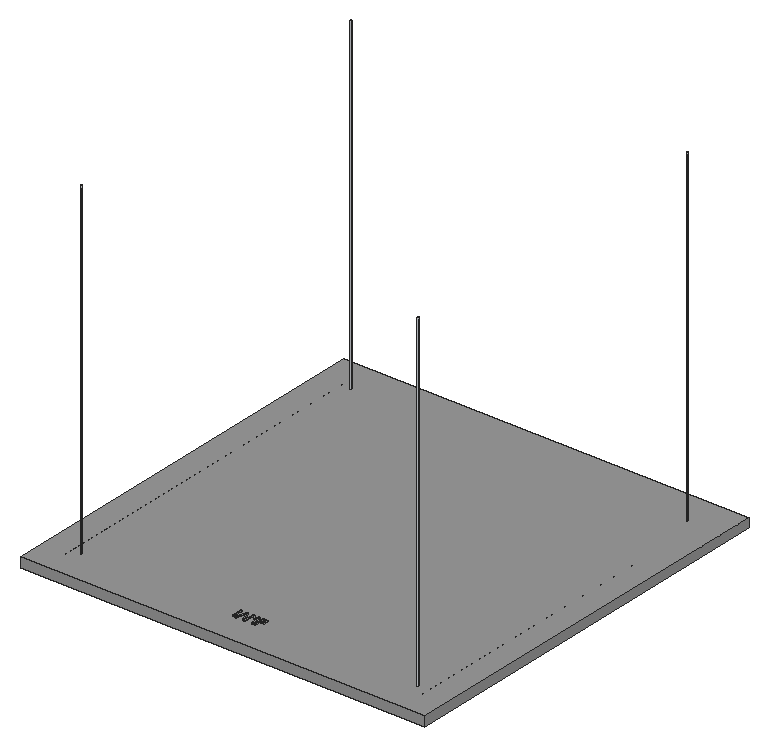
Revit family "LAMP_PLAT G3", category Luminarias, Revit 2015
Parameters (values of type "600x600 3000 IP40 OPAL")
  Ángulo de inclinación = 90.00°
  Weight = 3.90 kg
  Wattage = 31 W
  UGR = ""
  Type = "MID POWER SAMSUNG"
  Suspension [instance] = if(Suspension height = 0 mm, 1 = 0, 1 = 1)  # yes
  Separación luz = 20 mm
  Recessed dimensions = "617x617x14"
  built-in parameter 1150110 = 1 (stored number, unit not read)
  Protection rating = "IP40 / IK06"
  Product datasheet = "http://www.lamp.es/product-files/TECH/PL306035OP4030NW-EN.pdf"
  Product code = "PL306035OP4030NW"
  Product URL = "http://www.lamp.es/en/family/plat_33433"
  Power Supply = "220-240V 50-60Hz"
  Power = 28 W
  Plum = 31 W
  Modelo = Product code  # "PL306035OP4030NW"
  Material marco empotrar = LAMP_Aluminio Plat BL
  Material marco PLAT = LAMP_Acero Plat BL
  Material difusor = LAMP_PC Difusor Opal Plat
  Marco [instance] = if(Suspension height = 0 mm, 1 = 1, 1 = 0)  # no
  Manufacturer name = "LAMP"
  Manufacturer country = "Spain"
  Manufacturer URL = "http://www.lamp.es/en"
  MacAdam = "3"
  Lámpara = "MID-POWER LED"
  Luminaire type = "Indoor - Recessed and suspended luminaire"
  Last update = "21/06/2018"
  L_Susp = if(L = 1196 mm, 1096 mm, 496 mm)  # 496 mm
  L_Marco_2 = if(L = 1196 mm, 1200 mm, 600 mm)  # 600 mm
  L_Marco_1 = if(L = 1196 mm, 1198.4 mm, 598.4 mm)  # 598.4 mm
  L_2 = if(L = 1196 mm, 1126 mm, 526 mm)  # 526 mm
  L_1 = if(L = 1196 mm, 1154 mm, 554 mm)  # 554 mm
  LED Lifetime = "50.000 L80 B10"
  Insulation class = "II"
  Installation instructions = "http://www.lamp.es/product-files/INS/1004380-B-INSTR.%20PLAT%20G3.pdf"
  IEE = "A+"
  Height = 14 mm
  Gear = "Electronic"
  Finish = "Matte Traffic White"
  built-in parameter 1114217 = 1 (stored number, unit not read)
  built-in parameter 1150109 = 1 (stored number, unit not read)
  Fabricante = Manufacturer name  # "LAMP"
  Efficacy = 109.7 lm/W
  Dimensions = "596x596x14"
  Descripción = "PLAT G3 600X600 3400 WW OPAL IP40 WH"
  built-in parameter 1150134 = (empty or 0)
  built-in parameter 1150113 = 1 (stored number, unit not read)
  Lumens = 3400.7 lm
  built-in parameter 1150115 = 1 (stored number, unit not read)
  built-in parameter 1150105 = 1173.1 (stored number, unit not read)
  built-in parameter 1150137 = (empty or 0)
  built-in parameter 1150139 = (empty or 0)
  built-in parameter 1150112 = 1 (stored number, unit not read)
  built-in parameter 1150114 = 1 (stored number, unit not read)
  built-in parameter 1150132 = 2
  built-in parameter 1150102 = (empty or 0)
  built-in parameter 1150138 = (empty or 0)
  built-in parameter 1150107 = 3000 (stored number, unit not read)
  built-in parameter 1150106 = 11.731 (stored number, unit not read)
  built-in parameter 1150104 = 10.191 (stored number, unit not read)
  Dimming Lamp Color Temperature Shift = (empty or 0)
  Color Filter = 16777215
  built-in parameter 1114218 = 1 (stored number, unit not read)
  L_3 = if(L = 1196 mm, 1126 mm, 526 mm)  # 526 mm
  CRI = "80"
  Archivo de red fotométrica = "PL306035OP4030NW.IES"
  Altura susp [instance] = if(Suspension height > 1000 mm, 1000 mm, if(Suspension height < 0 mm, 0 mm, Suspension height))  # 500 mm
  A_Susp = if(A = 296 mm, 196 mm, 496 mm)  # 496 mm
  A_Marco_2 = if(A = 296 mm, 298.4 mm, 598.4 mm)  # 598.4 mm
  A_Marco_1 = if(A = 296 mm, 300 mm, 600 mm)  # 600 mm
  A_3 = if(A = 296 mm, 226 mm, 526 mm)  # 526 mm
  A_2 = if(A = 296 mm, 226 mm, 526 mm)  # 526 mm
  A_1 = if(A = 296 mm, 254 mm, 554 mm)  # 554 mm
  A = 596 mm
  L = 596 mm
  Suspension height [instance] = 500 mm
  built-in parameter 1150133 = 10 (stored number, unit not read)
Types (10, lengths in mm): name | UGR | Recessed dimensions | Protection rating | Product datasheet | Product code | Modelo | Material difusor | L_Susp | L_Marco_2 | L_Marco_1 | L_2 | L_1 | Installation instructions | Efficacy | Dimensions | Descripción | built-in parameter 1150134 | Lumens | built-in parameter 1150105 | built-in parameter 1150132 | built-in parameter 1150107 | built-in parameter 1150106 | built-in parameter 1150104 | L_3 | Archivo de red fotométrica | A_Susp | A_Marco_2 | A_Marco_1 | A_3 | A_2 | A_1 | A | L
  600x600 3000 IP40 OPAL | "" | "617x617x14" | "IP40 / IK06" | "http://www.lamp.es/product-files/TECH/PL306035OP4030NW-EN.pdf" | "PL306035OP4030NW" | "PL306035OP4030NW" | LAMP_PC Difusor Opal Plat | 496 | 600 | 598.4 | 526 | 554 | "http://www.lamp.es/product-files/INS/1004380-B-INSTR.%20PLAT%20G3.pdf" | 109.7 lm/W | "596x596x14" | "PLAT G3 600X600 3400 WW OPAL IP40 WH" | (empty or 0) | 3400.7 lm | 1173.1 (stored number, unit not read) | 2 | 3000 (stored number, unit not read) | 11.731 (stored number, unit not read) | 10.191 (stored number, unit not read) | 526 | "PL306035OP4030NW.IES" | 496 | 598.4 | 600 | 526 | 526 | 554 | 596 | 596
  600x600 4000 IP40 OPAL | "" | "617x617x14" | "IP40 / IK06" | "http://www.lamp.es/product-files/TECH/PL306035OP4040NW-EN.pdf" | "PL306035OP4040NW" | "PL306035OP4040NW" | LAMP_PC Difusor Opal Plat | 496 | 600 | 598.4 | 526 | 554 | "" | 116.1 lm/W | "596x596x14" | "PLAT G3 600X600 3600 NW OPAL IP40 WH" | (empty or 0) | 3599.1 lm | 1241.6 (stored number, unit not read) | 2 | 4000 (stored number, unit not read) | 12.416 (stored number, unit not read) | 10.786 (stored number, unit not read) | 526 | "PL306035OP4040NW.IES" | 496 | 598.4 | 600 | 526 | 526 | 554 | 596 | 596
  600x600 3000 IP54 OPAL | "" | "617x617x14" | "IP54 / IK06" | "http://www.lamp.es/product-files/TECH/PL306035OP5430NW-EN.pdf" | "PL306035OP5430NW" | "PL306035OP5430NW" | LAMP_PC Difusor Opal Plat | 496 | 600 | 598.4 | 526 | 554 | "" | 109.7 lm/W | "596x596x14" | "PLAT G3 600X600 3400 WW OPAL IP54 WH" | (empty or 0) | 3400.7 lm | 1173.1 (stored number, unit not read) | 2 | 3000 (stored number, unit not read) | 11.731 (stored number, unit not read) | 10.191 (stored number, unit not read) | 526 | "PL306035OP5430NW.IES" | 496 | 598.4 | 600 | 526 | 526 | 554 | 596 | 596
  600x600 4000 IP54 OPAL | "" | "617x617x14" | "IP54 / IK06" | "http://www.lamp.es/product-files/TECH/PL306035OP5440NW-EN.pdf" | "PL306035OP5440NW" | "PL306035OP5440NW" | LAMP_PC Difusor Opal Plat | 496 | 600 | 598.4 | 526 | 554 | "" | 116.1 lm/W | "596x596x14" | "PLAT G3 600X600 3600 NW OPAL IP54 WH" | (empty or 0) | 3599.1 lm | 1241.6 (stored number, unit not read) | 2 | 4000 (stored number, unit not read) | 12.416 (stored number, unit not read) | 10.786 (stored number, unit not read) | 526 | "PL306035OP5440NW.IES" | 496 | 598.4 | 600 | 526 | 526 | 554 | 596 | 596
  600x600 3000 IP40 PRIS | "19" | "617x617x14" | "IP40 / IK06" | "http://www.lamp.es/product-files/TECH/PL306035PR4030NW-EN.pdf" | "PL306035PR4030NW" | "PL306035PR4030NW" | LAMP_PC Difusor Prismático Plat | 496 | 600 | 598.4 | 526 | 554 | "" | 103.2 lm/W | "596x596x14" | "PLAT G3 600X600 3200 WW PRIS IP40 WH" | (empty or 0) | 3199.2 lm | 1103.6 (stored number, unit not read) | (empty or 0) | 3000 (stored number, unit not read) | 11.036 (stored number, unit not read) | 9.5876 (stored number, unit not read) | 526 | "PL306035PR4030NW.IES" | 496 | 598.4 | 600 | 526 | 526 | 554 | 596 | 596
  600x600 4000 IP40 PRIS | "19" | "617x617x14" | "IP40 / IK06" | "http://www.lamp.es/product-files/TECH/PL306035PR4040NW-EN.pdf" | "PL306035PR4040NW" | "PL306035PR4040NW" | LAMP_PC Difusor Prismático Plat | 496 | 600 | 598.4 | 526 | 554 | "" | 109.7 lm/W | "596x596x14" | "PLAT G3 600X600 3400 NW PRIS IP40 WH" | (empty or 0) | 3400.7 lm | 1173.1 (stored number, unit not read) | 2 | 4000 (stored number, unit not read) | 11.731 (stored number, unit not read) | 10.191 (stored number, unit not read) | 526 | "PL306035PR4040NW.IES" | 496 | 598.4 | 600 | 526 | 526 | 554 | 596 | 596
  1200x300 3000 IP40 OPAL | "" | "1217x317x14" | "IP40 / IK06" | "http://www.lamp.es/product-files/TECH/PL312035OP4030NW-EN.pdf" | "PL312035OP4030NW" | "PL312035OP4030NW" | LAMP_PC Difusor Opal Plat | 1096 | 1200 | 1198.4 | 1126 | 1154 | "" | 109.7 lm/W | "1196x296x14" | "PLAT G3 1200X300 3400 WW OPAL IP40 WH" | (empty or 0) | 3400.7 lm | 1173.1 (stored number, unit not read) | 2 | 3000 (stored number, unit not read) | 11.731 (stored number, unit not read) | 10.191 (stored number, unit not read) | 1126 | "PL312035OP4030NW.IES" | 196 | 298.4 | 300 | 226 | 226 | 254 | 296 | 1196
  1200x300 4000 IP40 OPAL | "" | "1217x317x14" | "IP40 / IK06" | "http://www.lamp.es/product-files/TECH/PL312035OP4040NW-EN.pdf" | "PL312035OP4040NW" | "PL312035OP4040NW" | LAMP_PC Difusor Opal Plat | 1096 | 1200 | 1198.4 | 1126 | 1154 | "" | 116.1 lm/W | "1196x296x14" | "PLAT G3 1200X300 3600 NW OPAL IP40 WH" | (empty or 0) | 3599.1 lm | 1241.6 (stored number, unit not read) | 2 | 4000 (stored number, unit not read) | 12.416 (stored number, unit not read) | 10.786 (stored number, unit not read) | 1126 | "PL312035OP4040NW.IES" | 196 | 298.4 | 300 | 226 | 226 | 254 | 296 | 1196
  1200x300 3000 IP40 PRIS | "19" | "1217x317x14" | "IP40 / IK06" | "http://www.lamp.es/product-files/TECH/PL312035PR4030NW-EN.pdf" | "PL312035PR4030NW" | "PL312035PR4030NW" | LAMP_PC Difusor Prismático Plat | 1096 | 1200 | 1198.4 | 1126 | 1154 | "" | 103.2 lm/W | "1196x296x14" | "PLAT G3 1200X300 3200 WW PRIS IP40 WH" | (empty or 0) | 3199.2 lm | 1103.6 (stored number, unit not read) | 2 | 3000 (stored number, unit not read) | 11.036 (stored number, unit not read) | 9.5876 (stored number, unit not read) | 1126 | "PL312035PR4030NW.IES" | 196 | 298.4 | 300 | 226 | 226 | 254 | 296 | 1196
  1200x300 4000 IP40 PRIS | "19" | "1217x317x14" | "IP40 / IK06" | "http://www.lamp.es/product-files/TECH/PL312035PR4030NW-EN.pdf" | "PL312035PR4040NW" | "PL312035PR4040NW" | LAMP_PC Difusor Prismático Plat | 1096 | 1200 | 1198.4 | 1126 | 1154 | "" | 103.2 lm/W | "1196x296x14" | "PLAT G3 1200X300 3200 WW PRIS IP40 WH" | 12 | 3400.7 lm | 1415 (stored number, unit not read) | 2 | 4000 (stored number, unit not read) | 14.15 (stored number, unit not read) | 10.191 (stored number, unit not read) | 1126 | "PL312035PR4040NW.IES" | 196 | 298.4 | 300 | 226 | 226 | 254 | 296 | 1196
Reference planes
  plane 1 "Eje de origen de luz (F/P)": y = 0
  plane 2: z = 0
  plane 3 "Eje de origen de luz (I/D)": x = 0
  plane 4 "Techo": z = 4000
  plane 5 "Elevación de origen de luz": z = 3480
  plane 6: z = 3500
Forms (mm)
  Extrusion 1, solid, material "LAMP_Acero Plat BL" <- "Material marco PLAT"
    sketch origin (1919.207, 6000, 3500) x (1, 0, 0) y (0, 1, 0)
      loop
        line (-2217.207, -5702) -> (-2217.207, -6298) -> (-1621.207, -6298) -> (-1621.207, -5702) -> (-2217.207, -5702)
    from 0 to 14
  Blend 2, void
    base sketch origin (1919.207, 6000, 3500) x (0, 1, 0) y (-1, 0, 0)
      loop
        line (-5723, 1859.207) -> (-5723, 2196.207) -> (-6277, 2196.207) -> (-6277, 1642.207) -> (-5723, 1642.207) -> (-5723, 1859.207)
    top sketch origin (1919.207, 6000, 3500) x (1, 0, 0) y (0, 1, 0)
      loop
        line (-2139.207, -5737) -> (-2182.207, -5737) -> (-2182.207, -6263) -> (-1656.207, -6263) -> (-1656.207, -5737) -> (-2139.207, -5737)
    from 0 to 4
  Extrusion 3, void
    sketch origin (1919.207, 6000, 3500) x (0, 1, 0) y (1, 0, 0)
      loop
        line (-5737, -2182.207) -> (-5737, -1656.207) -> (-6263, -1656.207) -> (-6263, -2182.207) -> (-5737, -2182.207)
    from -13 to -4
  Extrusion 4, solid, material "LAMP_PC Difusor Opal Plat" <- "Material difusor"
    sketch origin (1919.207, 6000, 3500) x (1, 0, 0) y (0, 1, 0)
      loop
        line (-2182.207, -5737) -> (-2182.207, -6263) -> (-1656.207, -6263) -> (-1656.207, -5737) -> (-2182.207, -5737)
    from 4 to 13
  Extrusion 5, solid, visible <- "Suspension"
    sketch origin (1919.207, 6000, 3500) x (1, 0, 0) y (0, 1, 0)
      loop
        circle (-2167.207, -5752) r 1
      loop
        circle (-1671.207, -5752) r 1
      loop
        circle (-2167.207, -6248) r 1
      loop
        circle (-1671.207, -6248) r 1
    from 14 to 500
  Extrusion 6, solid, material "LAMP_Aluminio Plat BL" <- "Material marco empotrar", visible <- "Marco"
    sketch origin (0, 0, 0) x (1, 0, 0) y (0, 0, 1)
      loop
        line (-290.1, 4000) -> (-299.2, 4000) -> (-299.2, 4050) -> (-270.2, 4050) -> (-270.2, 4051) -> (-299, 4051)
        arc (-299, 4051) -> (-299.707, 4050.707) -> (-300, 4050) r 1
        line (-300, 4050) -> (-300, 4000)
        arc (-300, 4000) -> (-299.707, 3999.293) -> (-299, 3999) r 1
        line (-299, 3999) -> (-290.1, 3999) -> (-290.1, 4000)
      loop
        line (290.1, 4000) -> (290.1, 3999) -> (299, 3999)
        arc (299, 3999) -> (299.707, 3999.293) -> (300, 4000) r 1
        line (300, 4000) -> (300, 4050)
        arc (300, 4050) -> (299.707, 4050.707) -> (299, 4051) r 1
        line (299, 4051) -> (270.2, 4051) -> (270.2, 4050) -> (299.2, 4050) -> (299.2, 4000) -> (290.1, 4000)
    from -300 to 300
  Extrusion 7, solid, material "LAMP_Aluminio Plat BL" <- "Material marco empotrar", visible <- "Marco"
    sketch origin (0, 0, 0) x (0, 1, 0) y (0, 0, 1)
      loop
        line (-290.1, 4000) -> (-299.2, 4000) -> (-299.2, 4050) -> (-270.2, 4050) -> (-270.2, 4051) -> (-299, 4051)
        arc (-299, 4051) -> (-299.707, 4050.707) -> (-300, 4050) r 1
        line (-300, 4050) -> (-300, 4000)
        arc (-300, 4000) -> (-299.707, 3999.293) -> (-299, 3999) r 1
        line (-299, 3999) -> (-290.1, 3999) -> (-290.1, 4000)
      loop
        line (290.1, 4000) -> (290.1, 3999) -> (299, 3999)
        arc (299, 3999) -> (299.707, 3999.293) -> (300, 4000) r 1
        line (300, 4000) -> (300, 4050)
        arc (300, 4050) -> (299.707, 4050.707) -> (299, 4051) r 1
        line (299, 4051) -> (270.2, 4051) -> (270.2, 4050) -> (299.2, 4050) -> (299.2, 4000) -> (290.1, 4000)
    from -300 to 300
  Extrusion 8, solid, material "LAMP_Acero Plat BL" <- "Material marco PLAT"
    sketch origin (195, 0, 3480) x (-1, 0, 0) y (0, -1, 0)
      loop
        arc (216.289, 252.998) -> (216.071, 253.525) -> (215.544, 253.743) r 0.745
        line (215.544, 253.743) -> (211.004, 253.743)
        arc (211.004, 253.743) -> (210.554, 253.599) -> (210.272, 253.221) r 0.775
        line (210.272, 253.221) -> (205.731, 240.025) -> (201.216, 253.148)
        arc (201.216, 253.148) -> (200.951, 253.504) -> (200.528, 253.639) r 0.727
        line (200.528, 253.639) -> (197.107, 253.639)
        arc (197.107, 253.639) -> (196.592, 253.426) -> (196.379, 252.91) r 0.729
        line (196.379, 252.91) -> (196.379, 240.094) -> (192.425, 244.048) -> (188.319, 239.942) -> (188.319, 253.036)
        arc (188.319, 253.036) -> (188.112, 253.536) -> (187.612, 253.743) r 0.708
        line (187.612, 253.743) -> (182.535, 253.743)
        arc (182.535, 253.743) -> (181.993, 253.519) -> (181.769, 252.977) r 0.766
        line (181.769, 252.977) -> (181.769, 240.578)
        arc (181.769, 240.578) -> (181.552, 240.054) -> (181.029, 239.837) r 0.74
        line (181.029, 239.837) -> (177.585, 239.837)
        arc (177.585, 239.837) -> (177.046, 240.061) -> (176.822, 240.6) r 0.762
        line (176.822, 240.6) -> (176.822, 243.202)
        arc (176.822, 243.202) -> (177.044, 243.737) -> (177.58, 243.959) r 0.758
        line (177.58, 243.959) -> (180.751, 243.959)
        arc (180.751, 243.959) -> (181.576, 244.784) -> (180.751, 245.608) r 0.824
        line (180.751, 245.608) -> (175.913, 245.608)
        arc (175.913, 245.608) -> (175.39, 245.392) -> (175.174, 244.869) r 0.739
        line (175.174, 244.869) -> (175.174, 238.964)
        arc (175.174, 238.964) -> (175.401, 238.416) -> (175.949, 238.188) r 0.776
        line (175.949, 238.188) -> (182.652, 238.188)
        arc (182.652, 238.188) -> (183.193, 238.413) -> (183.418, 238.954) r 0.766
        line (183.418, 238.954) -> (183.418, 251.35)
        arc (183.418, 251.35) -> (183.642, 251.891) -> (184.184, 252.116) r 0.766
        line (184.184, 252.116) -> (185.88, 252.116)
        arc (185.88, 252.116) -> (186.419, 251.893) -> (186.642, 251.354) r 0.762
        line (186.642, 251.354) -> (186.642, 239.706)
        arc (186.642, 239.706) -> (187.838, 238.044) -> (189.794, 238.65) r 1.753
        line (189.794, 238.65) -> (192.425, 241.281) -> (195.055, 238.65)
        arc (195.055, 238.65) -> (197.011, 238.044) -> (198.207, 239.706) r 1.753
        line (198.207, 239.706) -> (198.207, 251.167)
        arc (198.207, 251.167) -> (198.997, 252.101) -> (200.048, 251.475) r 0.946
        line (200.048, 251.475) -> (204.255, 239.242)
        arc (204.255, 239.242) -> (205.731, 238.188) -> (207.208, 239.242) r 1.561
        line (207.208, 239.242) -> (211.457, 251.597)
        arc (211.457, 251.597) -> (211.737, 251.973) -> (212.184, 252.116) r 0.768
        line (212.184, 252.116) -> (213.908, 252.116)
        arc (213.908, 252.116) -> (214.426, 251.901) -> (214.641, 251.383) r 0.733
        line (214.641, 251.383) -> (214.641, 238.925)
        arc (214.641, 238.925) -> (215.465, 238.101) -> (216.289, 238.925) r 0.824
        line (216.289, 238.925) -> (216.289, 252.998)
    from 34 to 35
Cuts and joins
  Blend 2, Extrusion 3 cuts Extrusion 1
Text (mm)
  text "Any modification of the parameters and properties of the LAMP BIM models must be executed and validated by the LAMP technical department.\n\nPhone: +34 93 736 68 00\n\nE-mail: lamp@lamp.es\n\n\n\nLAMP reserves the right to modify the technical specifications of its products." at (-1742.333, -94.774, 5399.521), in view "Preview"
Dimensions and locks
  equal spacing: host sketch curve, plane 3 "Eje de origen de luz (I/D)", host sketch curve
  equal spacing: host sketch curve, plane 1 "Eje de origen de luz (F/P)", host sketch curve
  host sketch curve to host sketch curve = 4000 mm  (x2)
  locked: plane 4 "Techo" to host ceiling at 0
  "Altura susp": plane 6 to plane 4 "Techo"
  "A": Extrusion 1 sketch curve to Extrusion 1 sketch curve
  "L": Extrusion 1 sketch curve to Extrusion 1 sketch curve
  equal spacing: Extrusion 1 sketch curve, plane 3 "Eje de origen de luz (I/D)", Extrusion 1 sketch curve
  equal spacing: Extrusion 1 sketch curve, plane 1 "Eje de origen de luz (F/P)", Extrusion 1 sketch curve
  "A_1": Blend 2 sketch curve to Blend 2 sketch curve
  "L_1": Blend 2 sketch curve to Blend 2 sketch curve
  equal spacing: Blend 2 sketch curve, plane 3 "Eje de origen de luz (I/D)", Blend 2 sketch curve  (x2)
  equal spacing: Blend 2 sketch curve, plane 1 "Eje de origen de luz (F/P)", Blend 2 sketch curve  (x2)
  "A_2": Extrusion 4 to Extrusion 4
  equal spacing: Extrusion 4, plane 3 "Eje de origen de luz (I/D)", Extrusion 4
  equal spacing: Extrusion 4, plane 1 "Eje de origen de luz (F/P)", Extrusion 4
  "L_2": Extrusion 4 to Extrusion 4
  "L_2": Blend 2 sketch curve to Blend 2 sketch curve
  "A_2": Blend 2 sketch curve to Blend 2 sketch curve
  equal spacing: cut or joined group of Extrusion 1, Blend 2, Extrusion 3, plane 3 "Eje de origen de luz (I/D)", cut or joined group of Extrusion 1, Blend 2, Extrusion 3
  "A_3": cut or joined group of Extrusion 1, Blend 2, Extrusion 3 to cut or joined group of Extrusion 1, Blend 2, Extrusion 3
  equal spacing: cut or joined group of Extrusion 1, Blend 2, Extrusion 3, plane 1 "Eje de origen de luz (F/P)", cut or joined group of Extrusion 1, Blend 2, Extrusion 3
  "L_3": cut or joined group of Extrusion 1, Blend 2, Extrusion 3 to cut or joined group of Extrusion 1, Blend 2, Extrusion 3
  "Separación luz": plane 5 "Elevación de origen de luz" to plane 6
  equal spacing: Extrusion 7, plane 3 "Eje de origen de luz (I/D)", Extrusion 7
  "A_Marco_1": Extrusion 7 to Extrusion 7
  equal spacing: Extrusion 7, plane 1 "Eje de origen de luz (F/P)", Extrusion 7
  "L_Marco_1": Extrusion 7 to Extrusion 7
  equal spacing: Extrusion 6, plane 1 "Eje de origen de luz (F/P)", Extrusion 6
  "L_Marco_2": Extrusion 6 to Extrusion 6
  equal spacing: Extrusion 6, plane 3 "Eje de origen de luz (I/D)", Extrusion 6
  "A_Marco_2": Extrusion 6 to Extrusion 6
  equal spacing: Extrusion 5 sketch curve, plane 3 "Eje de origen de luz (I/D)", Extrusion 5 sketch curve  (x2)
  "A_Susp": Extrusion 5 sketch curve to Extrusion 5 sketch curve  (x2)
  equal spacing: Extrusion 5 sketch curve, plane 1 "Eje de origen de luz (F/P)", Extrusion 5 sketch curve  (x2)
  "L_Susp": Extrusion 5 sketch curve to Extrusion 5 sketch curve  (x2)
  aligned and locked: plane 3 "Eje de origen de luz (I/D)" to imposter light
  aligned and locked: plane 1 "Eje de origen de luz (F/P)" to imposter light
  aligned and locked: plane 5 "Elevación de origen de luz" to imposter light
  aligned and locked: Extrusion 5 to cut or joined group of Extrusion 1, Blend 2, Extrusion 3
  aligned and locked: Extrusion 5 to plane 4 "Techo"
Automatic sketch dimensions
  Extrusion 3 sketch curve to plane 3 "Eje de origen de luz (I/D)" = 263 mm
  plane 3 "Eje de origen de luz (I/D)" to Extrusion 3 sketch curve = 263 mm
  plane 1 "Eje de origen de luz (F/P)" to Extrusion 3 sketch curve = 263 mm
  Extrusion 3 sketch curve to plane 1 "Eje de origen de luz (F/P)" = 263 mm
  Extrusion 4 sketch curve to plane 3 "Eje de origen de luz (I/D)" = 263 mm
  plane 3 "Eje de origen de luz (I/D)" to Extrusion 4 sketch curve = 263 mm
  plane 1 "Eje de origen de luz (F/P)" to Extrusion 4 sketch curve = 263 mm
  Extrusion 4 sketch curve to plane 1 "Eje de origen de luz (F/P)" = 263 mm
  plane 4 "Techo" to Extrusion 7 sketch curve = 0 mm  (x4)
  plane 1 "Eje de origen de luz (F/P)" to Extrusion 7 sketch curve = 300 mm
  Extrusion 7 sketch curve to Extrusion 7 sketch curve = 0.8 mm
  Extrusion 7 sketch curve to Extrusion 7 sketch curve = 0.2 mm  (x3)
  Extrusion 7 sketch curve to Extrusion 7 sketch curve = 8.9 mm  (x2)
  Extrusion 7 sketch curve to Extrusion 7 sketch curve = 28.8 mm  (x2)
  Extrusion 7 sketch curve to plane 4 "Techo" = 51 mm
  Extrusion 7 sketch curve to plane 1 "Eje de origen de luz (F/P)" = 270.2 mm
  plane 4 "Techo" to Extrusion 7 sketch curve = 1 mm
  Extrusion 7 sketch curve to Extrusion 7 sketch curve = 19.9 mm
  Extrusion 7 sketch curve to plane 4 "Techo" = 50 mm
  Extrusion 7 sketch curve to Extrusion 7 sketch curve = 1 mm  (x2)
  Extrusion 6 sketch curve to plane 4 "Techo" = 0 mm  (x4)
  Extrusion 6 sketch curve to plane 3 "Eje de origen de luz (I/D)" = 300 mm
  Extrusion 6 sketch curve to Extrusion 6 sketch curve = 0.8 mm
  Extrusion 6 sketch curve to Extrusion 6 sketch curve = 0.2 mm  (x3)
  Extrusion 6 sketch curve to Extrusion 6 sketch curve = 8.9 mm  (x2)
  Extrusion 6 sketch curve to Extrusion 6 sketch curve = 28.8 mm  (x2)
  Extrusion 6 sketch curve to plane 4 "Techo" = 51 mm
  plane 3 "Eje de origen de luz (I/D)" to Extrusion 6 sketch curve = 270.2 mm
  plane 4 "Techo" to Extrusion 6 sketch curve = 1 mm
  Extrusion 6 sketch curve to Extrusion 6 sketch curve = 19.9 mm
  Extrusion 6 sketch curve to Extrusion 6 sketch curve = 50 mm
  Extrusion 6 sketch curve to Extrusion 6 sketch curve = 1 mm  (x2)
  plane 3 "Eje de origen de luz (I/D)" to Extrusion 8 sketch curve = 19.826 mm
  Extrusion 8 sketch curve to Extrusion 8 sketch curve = 0.739 mm
  Extrusion 8 sketch curve to Extrusion 8 sketch curve = 0.776 mm
  Extrusion 8 sketch curve to Extrusion 8 sketch curve = 0.91 mm
  Extrusion 8 sketch curve to Extrusion 8 sketch curve = 0.758 mm
  Extrusion 8 sketch curve to Extrusion 8 sketch curve = 0.762 mm  (x2)
  Extrusion 8 sketch curve to Extrusion 8 sketch curve = 3.171 mm
  Extrusion 8 sketch curve to Extrusion 8 sketch curve = 3.444 mm
  Extrusion 8 sketch curve to Extrusion 8 sketch curve = 1.018 mm
  Extrusion 8 sketch curve to Extrusion 8 sketch curve = 0.766 mm  (x3)
  Extrusion 8 sketch curve to Extrusion 8 sketch curve = 1.623 mm
  Extrusion 8 sketch curve to Extrusion 8 sketch curve = 1.696 mm
  Extrusion 8 sketch curve to Extrusion 8 sketch curve = 1.732 mm
  Extrusion 8 sketch curve to Extrusion 8 sketch curve = 1.677 mm
  Extrusion 8 sketch curve to Extrusion 8 sketch curve = 0.076 mm  (x2)
  Extrusion 8 sketch curve to Extrusion 8 sketch curve = 1.399 mm
  Extrusion 8 sketch curve to Extrusion 8 sketch curve = 2.631 mm  (x2)
  Extrusion 8 sketch curve to Extrusion 8 sketch curve = 0 mm  (x3)
  Extrusion 8 sketch curve to Extrusion 8 sketch curve = 1.323 mm
  Extrusion 8 sketch curve to Extrusion 8 sketch curve = 0.729 mm
  Extrusion 8 sketch curve to Extrusion 8 sketch curve = 1.753 mm
  Extrusion 8 sketch curve to Extrusion 8 sketch curve = 0.946 mm
  Extrusion 8 sketch curve to Extrusion 8 sketch curve = 0.895 mm
  Extrusion 8 sketch curve to Extrusion 8 sketch curve = 0.48 mm
  Extrusion 8 sketch curve to Extrusion 8 sketch curve = 0.688 mm
  Extrusion 8 sketch curve to Extrusion 8 sketch curve = 6.048 mm
  Extrusion 8 sketch curve to Extrusion 8 sketch curve = 1.476 mm  (x2)
  Extrusion 8 sketch curve to Extrusion 8 sketch curve = 9.055 mm
  Extrusion 8 sketch curve to Extrusion 8 sketch curve = 0.733 mm
  Extrusion 8 sketch curve to Extrusion 8 sketch curve = 0.453 mm
  Extrusion 8 sketch curve to Extrusion 8 sketch curve = 0.727 mm  (x2)
  Extrusion 8 sketch curve to Extrusion 8 sketch curve = 1.725 mm
  Extrusion 8 sketch curve to Extrusion 8 sketch curve = 7.433 mm
  Extrusion 8 sketch curve to Extrusion 8 sketch curve = 0.824 mm  (x2)
  Extrusion 8 sketch curve to Extrusion 8 sketch curve = 0.745 mm
  plane 1 "Eje de origen de luz (F/P)" to Extrusion 8 sketch curve = 238.188 mm
  Extrusion 8 sketch curve to Extrusion 8 sketch curve = 0.305 mm
  Extrusion 8 sketch curve to Extrusion 8 sketch curve = 0.781 mm
  Extrusion 8 sketch curve to Extrusion 8 sketch curve = 0.464 mm
  Extrusion 8 sketch curve to Extrusion 8 sketch curve = 0.508 mm
  Extrusion 8 sketch curve to Extrusion 8 sketch curve = 0.883 mm
  Extrusion 8 sketch curve to Extrusion 8 sketch curve = 0.236 mm
  Extrusion 8 sketch curve to Extrusion 8 sketch curve = 0.276 mm
  Extrusion 8 sketch curve to Extrusion 8 sketch curve = 0.387 mm
  Extrusion 8 sketch curve to Extrusion 8 sketch curve = 2.602 mm
  Extrusion 8 sketch curve to Extrusion 8 sketch curve = 7.12 mm
  Extrusion 8 sketch curve to Extrusion 8 sketch curve = 0.128 mm
  Extrusion 8 sketch curve to Extrusion 8 sketch curve = 5.741 mm
  Extrusion 8 sketch curve to Extrusion 8 sketch curve = 0.036 mm
  Extrusion 8 sketch curve to Extrusion 8 sketch curve = 1.743 mm
  Extrusion 8 sketch curve to Extrusion 8 sketch curve = 1.371 mm
  Extrusion 8 sketch curve to Extrusion 8 sketch curve = 1.628 mm
  Extrusion 8 sketch curve to Extrusion 8 sketch curve = 1.615 mm
  plane 3 "Eje de origen de luz (I/D)" to Blend 2 sketch curve = 60 mm
  Blend 2 sketch curve to Blend 2 sketch curve = 43 mm
  radius of Extrusion 5 sketch curve = 1 mm  (x4)
Connectors
  electrical at (0, 0, 3514)
    settings: on cut or joined group of Extrusion 1, Blend 2, Extrusion 3, index 1, voltage 230 V, apparent load 0 VA, apparent load phase1 0 VA, apparent load phase2 0 VA, apparent load phase3 0 VA, power factor 1, load classification "Otro", number of poles 1, system type 31, power factor state 1, is connector primary yes, connector utility no, sub classification motor no, connector description ""
